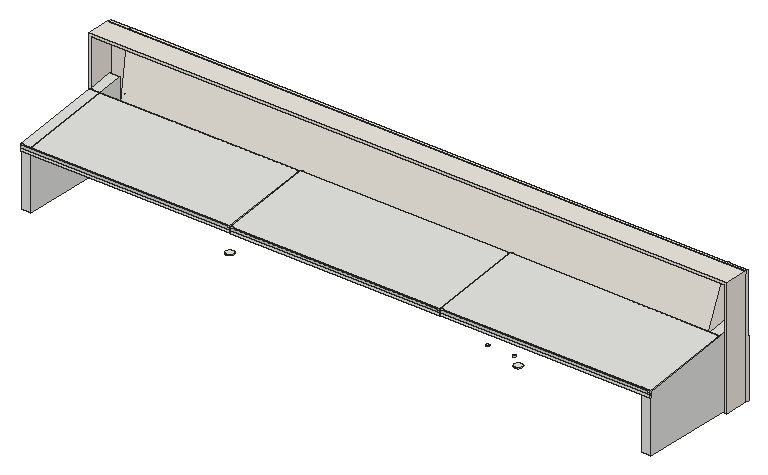
Revit family "Plumbing-Sink-Sloan-Valve-DSWD-84000", category Plumbing Fixtures, host Face, Revit 2019
Family settings
  Host = Face
  Round Connector Dimension = Use Diameter
  Part Type = Normal
  OmniClass Number = 23.45.05.14.14
  OmniClass Title = Sinks/Lavatories
  Cut with Voids When Loaded = No
  Shared = No
  Room Calculation Point = No
Parameters (values of type "DSWD-84000")
  Width = 120.00"  # constant formula
  Water Flow = 0.0 GPM
  Waste Connection = yes
  WFU = 2
  Vent Connection = no
  Valve Pressure Drop = 0.0 Pa
  URL = "www.sloanvalve.com"
  Sanitary Drain Connection Diameter = 1.50"
  Product data url = "https://bimobject.com/sloan_valve/product/sinks_designer-series_dswd-84000"
  Product Material = Sloan - Corian - Venaro White
  Product Guid = ""
  Part Number = ""
  Model = "DSWD-84000"
  Manufacturer = "Sloan Valve"  # constant formula
  Keynote = "10000"
  Hot Water Connection Diameter = 0.50"
  Height = 5.00"  # constant formula
  HWFU = 1.5
  HW Connection = yes
  z_Elevation [instance] = 21.00"  # constant formula
  Enclosure [instance] = yes
  Edition number = 1
  Description = "Designer Series™ 4-Station Wall-Mounted Weir Deck Sink."
  Depth = 22.00"  # constant formula
  Default Elevation = 0.00"  # constant formula
  Cold Water Connection Diameter = 0.50"
  CWFU = 1.5
  CW Connection = yes
  Assembly Code = "D2010400"
  ADA Compliant = 1 = 1  # yes
Reference planes (in)
  plane 1 "Center (Front/Back)": y = 0
  plane 2: z = 0
  plane 3 "Center (Left/Right)": x = 0
  plane 4: y = -13
  plane 5: y = -34
  plane 6: x = -15
  plane 7: x = 15
  plane 8: x = -60
  plane 9: x = 60
  plane 10: z = 22
  plane 11: z = 2.75
  plane 12: z = 3.125
  plane 13: x = 45
  plane 14: x = 39
  plane 15: x = 21
  plane 16: x = -21
  plane 17: x = -39
  plane 18: x = -45
Forms (in)
  Extrusion 1, solid, not visible
    sketch origin (0, 1, 0) x (1, 0, 0) y (0, 1, 0)
      loop
        circle (-27.125, -14) r 0.75
      loop
        circle (24.76612, -12) r 0.25
      loop
        circle (19.76612, -12) r 0.25
      loop
        circle (27.125, -14) r 0.75
      loop
        line (39, -9) -> (41, -9) -> (41, -8) -> (39, -8) -> (39, -9)
    from 0 to 0.50971
Dimensions and locks (in)
  locked: plane 4 to plane 1 "Center (Front/Back)" at 13
  "z_Elevation": plane 4 to plane 5
  aligned and locked: plane 2 to host face
  aligned and locked: level to host face
  aligned and locked: plane 3 "Center (Left/Right)" to nested 1
  aligned and locked: plane 1 "Center (Front/Back)" to nested 1
Automatic sketch dimensions
  host sketch curve to host sketch curve = 131.57161"
  host sketch curve to host sketch curve = 96.00"
  Extrusion 1 sketch curve to plane 4 = 0.00"
  plane 4 to Extrusion 1 sketch curve = 0.00"
  Extrusion 1 sketch curve to plane 6 = 12.125"
  plane 4 to Extrusion 1 sketch curve = 2.00"  (x2)
  plane 7 to Extrusion 1 sketch curve = 4.76612"
  Extrusion 1 sketch curve to Extrusion 1 sketch curve = 5.00"
  Extrusion 1 sketch curve to Extrusion 1 sketch curve = 2.35888"
  plane 4 to Extrusion 1 sketch curve = 5.00"
  Extrusion 1 sketch curve to Extrusion 1 sketch curve = 11.875"
  Extrusion 1 sketch curve to Extrusion 1 sketch curve = 2.00"
  Extrusion 1 sketch curve to Extrusion 1 sketch curve = 1.00"
  radius of Extrusion 1 sketch curve = 0.75"  (x2)
  radius of Extrusion 1 sketch curve = 0.25"  (x2)
Nested families (in)
  nested 1: "Geometry" at (0, 0, 0), type "Geometry"
Connectors (in)
  piping at (-27.125, -13, 0), diameter 1.5, driven by "WFU", driven by "Sanitary Drain Connection Diameter"
    settings: on Extrusion 1, index 2, connector inside diameter 24.00", connector length 0.00", flow factor 0, pipe flow 0.0 GPM, pressure drop 0.0 Pa, fitting loss kfactor 0, connector angle 0.00°, fixture units 2, engagement length 0.00", angle of deflection 0.00°, flow configuration 3, flow direction 2, fitting loss method 0, system type 16, joint type 0, gender type 0, connector reference index -1, connector utility 0, adjustable connector no, is connector primary yes, connector description "Sanitary Drain Connection 1"
  piping at (24.76612, -11, 0), diameter 0.5, driven by "Cold Water Connection Diameter"
    settings: on Extrusion 1, index 3, connector inside diameter 24.00", connector length 0.00", flow factor 0, pipe flow 0.0 GPM, pressure drop 0.0 Pa, fitting loss kfactor 0, connector angle 0.00°, fixture units 1.5, engagement length 0.00", angle of deflection 0.00°, flow configuration 3, flow direction 1, fitting loss method 0, system type 20, joint type 0, gender type 0, connector reference index -1, connector utility 0, adjustable connector no, is connector primary no, connector description "Cold Water Connection"
  piping at (19.76612, -11, 0), diameter 0.5, driven by "Hot Water Connection Diameter"
    settings: on Extrusion 1, index 4, connector inside diameter 24.00", connector length 0.00", flow factor 0, pipe flow 0.0 GPM, pressure drop 0.0 Pa, fitting loss kfactor 0, connector angle 0.00°, fixture units 1.5, engagement length 0.00", angle of deflection 0.00°, flow configuration 3, flow direction 1, fitting loss method 0, system type 19, joint type 0, gender type 0, connector reference index -1, connector utility 0, adjustable connector no, is connector primary no, connector description "Hot Water Connection"
  piping at (27.125, -13, 0), diameter 1.5, driven by "Sanitary Drain Connection Diameter", driven by "WFU"
    settings: on Extrusion 1, index 5, connector inside diameter 24.00", connector length 0.00", flow factor 0, pipe flow 0.0 GPM, pressure drop 0.0 Pa, fitting loss kfactor 0, connector angle 0.00°, fixture units 2, engagement length 0.00", angle of deflection 0.00°, flow configuration 3, flow direction 2, fitting loss method 0, system type 16, joint type 0, gender type 0, connector reference index -1, connector utility 0, adjustable connector no, is connector primary no, connector description "Sanitary Drain Connection 2"
Definition of nested family "Geometry"
  Parameters (values of type "Geometry")
    URL = ""
    Type Comments = ""
    Product Material = none
    Model = ""
    Manufacturer = ""
    Installation Type = ""
    Enclosure Material = none
    Enclosure = yes
    Description = ""
    Default Elevation = 34.00"
    Assembly Code = ""
  Reference planes (in)
    plane 1 "Center (Front/Back)": y = 0
    plane 2: z = 0
    plane 3 "Center (Left/Right)": x = 0
    plane 4: y = -5
    plane 5: z = 22
    plane 6: y = -34
    plane 7: y = -13
    plane 8: y = -11
    plane 9: x = 60
    plane 10: x = -60
    plane 11: x = 56
    plane 12: x = -56
    plane 13: x = -27.125
    plane 14: x = 27.125
    plane 15: z = 6.25
    plane 16: y = -22
    plane 17: x = -19.6875
    plane 18: x = 19.6875
    plane 19: x = -19.875
    plane 20: x = 19.875
  Forms (in)
    Extrusion 1, solid
      sketch origin (0, 0, 0) x (1, 0, 0) y (0, 1, 0)
        loop
          line (-67.14883, 48) -> (-67.14883, -48) -> (67.56872, -48) -> (67.56872, 48) -> (-67.14883, 48)
      from 0 to -12
    Extrusion 2, solid, material <- "Product Material"
      sketch origin (0, 0, 0) x (1, 0, 0) y (0, 0, 1)
        loop
          line (60, 0) -> (60, 22) -> (56, 22) -> (56, 5) -> (-56, 5) -> (-56, 22) -> (-60, 22) -> (-60, 0) -> (60, 0)
      from 0 to 0.5
    Extrusion 3, solid, material <- "Product Material"
      sketch origin (0, 0, 0) x (1, 0, 0) y (0, 1, 0)
        loop
          line (-54.58906, -5.46208) -> (-54.08274, -5.4779) -> (-56, 0) -> (-56.33543, -0.47244) -> (-54.58906, -5.46208)
        loop
          line (54.58906, -5.46208) -> (56.33543, -0.47244) -> (56, 0) -> (54.08274, -5.4779) -> (54.58906, -5.46208)
      from 5 to 22
    Extrusion 4, solid, material <- "Product Material"
      sketch origin (0, 0, 0) x (1, 0, 0) y (0, 1, 0)
        loop
          circle (-27.125, -13) r 0.75
        loop
          circle (19.76612, -11) r 0.25
        loop
          circle (24.76612, -11) r 0.25
        loop
          circle (27.125, -13) r 0.75
        loop
          line (39, -8) -> (41, -8) -> (41, -7) -> (39, -7) -> (39, -8)
      from 0 to 0.032
    Extrusion 5, solid, material <- "Product Material"
      sketch origin (44, 0, 112.82314) x (0, 0, -1) y (0, 1, 0)
        loop
          line (107.82314, 0) -> (107.82314, -5.28906) -> (105.32314, -5.28906) -> (105.32314, -4) -> (90.82314, 0) -> (90.82314, -0.51868) -> (104.82314, -4.38075) -> (104.82314, -5.78906) -> (108.32314, -5.78906) -> (108.32314, -0.5) -> (107.82314, 0)
      from -100.33543 to 12.33543
    Extrusion 6, solid, material <- "Product Material"
      sketch origin (0, 1.2938, 0) x (1, 0, 0) y (0, 0, 1)
        loop
          line (60, 22) -> (-60, 22) -> (-60, 0) -> (-59.5, 0) -> (-59.5, 21.5) -> (59.5, 21.5) -> (59.5, 0) -> (60, 0) -> (60, 22)
      from 1.7938 to 6.2938
    Extrusion 7, void
      sketch origin (0, 0, 0) x (1, 0, 0) y (0, 1, 0)
        loop
          line (56.33543, -0.47244) -> (54.47461, -5.78906) -> (56.33543, -5.78906) -> (56.33543, -0.47244)
        loop
          line (-56.33543, -0.47244) -> (-56.33543, -5.78906) -> (-54.47461, -5.78906) -> (-56.33543, -0.47244)
      from 0 to 21.5
    Extrusion 8, void
      sketch origin (44, 0, 112.82314) x (0, 0, -1) y (0, 1, 0)
        loop
          line (104.82314, -4.38075) -> (90.82314, -0.51868) -> (90.82314, -5.78906) -> (104.82314, -5.78906) -> (104.82314, -4.38075)
      from -100.33543 to 12.33543
    Extrusion 9, void
      sketch origin (0, 0, 0) x (1, 0, 0) y (0, 0, 1)
        loop
          circle (27.125, 6.25) r 0.875
        loop
          circle (-27.125, 6.25) r 0.875
      from 5.28906 to 5.78906
    Extrusion 10, solid, material <- "Enclosure Material", visible <- "Enclosure"
      sketch origin (0, 25.02578, 59.38794) x (0, 1, 0) y (0, 0, 1)
        loop
          line (-30.62246, -47.25332) -> (-30.74068, -46.38635) -> (-32.10307, -46.57213) -> (-31.98485, -47.43911) -> (-30.62246, -47.25332)
        loop
          line (-32.03833, -47.50948) -> (-30.55208, -47.30681) -> (-30.6872, -46.31598) -> (-32.17344, -46.51865) -> (-32.03833, -47.50948)
        loop
          line (-45.48491, -49.28) -> (-45.60313, -48.41303) -> (-46.96553, -48.59881) -> (-46.8473, -49.46578) -> (-45.48491, -49.28)
        loop
          line (-45.41454, -49.33349) -> (-45.54965, -48.34265) -> (-47.0359, -48.54532) -> (-46.90078, -49.53615) -> (-45.41454, -49.33349)
      from -59.0625 to 59.0625
    Extrusion 11, solid, material <- "Enclosure Material", visible <- "Enclosure"
      sketch origin (39.8125, 25.02656, 59.38608) x (0, 1, 0) y (0, 0, 1)
        loop
          arc (-30.71712, -46.22346) -> (-30.69443, -46.1936) -> (-30.72429, -46.1709) r 0.02652
          line (-30.72429, -46.1709) -> (-47.06827, -48.39963)
          arc (-47.06827, -48.39963) -> (-47.12442, -48.44125) -> (-47.14314, -48.50859) r 0.10755
          line (-47.14314, -48.50859) -> (-47.0696, -49.04788) -> (-47.14957, -49.517) -> (-47.10028, -49.5254) -> (-47.01903, -49.04872) -> (-47.0933, -48.504)
          arc (-47.0933, -48.504) -> (-47.08629, -48.47456) -> (-47.0653, -48.45275) r 0.05755
          line (-47.0653, -48.45275) -> (-30.71712, -46.22346)
      from -59.5 to -20.125
    Extrusion 12, solid, material <- "Enclosure Material", visible <- "Enclosure"
      sketch origin (0.25, 25.02656, 59.38608) x (0, 1, 0) y (0, 0, 1)
        loop
          arc (-30.71712, -46.22346) -> (-30.69443, -46.1936) -> (-30.72429, -46.1709) r 0.02652
          line (-30.72429, -46.1709) -> (-47.06827, -48.39963)
          arc (-47.06827, -48.39963) -> (-47.12442, -48.44125) -> (-47.14314, -48.50859) r 0.10755
          line (-47.14314, -48.50859) -> (-47.0696, -49.04788) -> (-47.14957, -49.517) -> (-47.10028, -49.5254) -> (-47.01903, -49.04872) -> (-47.0933, -48.504)
          arc (-47.0933, -48.504) -> (-47.08629, -48.47456) -> (-47.0653, -48.45275) r 0.05755
          line (-47.0653, -48.45275) -> (-30.71712, -46.22346)
      from -59.5 to -20.125
    Extrusion 13, solid, material <- "Enclosure Material", visible <- "Enclosure"
      sketch origin (-0.25, 25.02656, 59.38608) x (0, 1, 0) y (0, 0, -1)
        loop
          line (-30.71712, 46.22346) -> (-47.0653, 48.45275)
          arc (-47.0653, 48.45275) -> (-47.08629, 48.47456) -> (-47.0933, 48.504) r 0.05755
          line (-47.0933, 48.504) -> (-47.01903, 49.04872) -> (-47.10028, 49.5254) -> (-47.14957, 49.517) -> (-47.0696, 49.04788) -> (-47.14314, 48.50859)
          arc (-47.14314, 48.50859) -> (-47.12442, 48.44125) -> (-47.06827, 48.39963) r 0.10755
          line (-47.06827, 48.39963) -> (-30.72429, 46.1709)
          arc (-30.72429, 46.1709) -> (-30.69443, 46.1936) -> (-30.71712, 46.22346) r 0.02652
      from -59.5 to -20.125
    Extrusion 14, solid, material <- "Enclosure Material"
      sketch origin (0.11886, -0.28906, 0) x (0, 1, 0) y (0, 0, 1)
        loop
          line (-4.5, 5.5625) -> (-4.5, 5.6875) -> (-5, 5.6875) -> (-5, 5.5625) -> (-4.5, 5.5625)
        loop
          line (-4.5, 6.1875) -> (-4.5, 6.3125) -> (-5, 6.3125) -> (-5, 6.1875) -> (-4.5, 6.1875)
        loop
          line (-4.5, 6.8125) -> (-4.5, 6.9375) -> (-5, 6.9375) -> (-5, 6.8125) -> (-4.5, 6.8125)
      from -56.11886 to 54.35575
    Extrusion 15, solid, material <- "Enclosure Material", visible <- "Enclosure"
      sketch origin (0, 0, 0) x (0, 1, 0) y (0, 0, 1)
        loop
          line (-1.09528, 13.78926) -> (-21.875, 10.95566) -> (-21.875, 0) -> (-1.09528, 0) -> (-1.09528, 13.78926)
      from 57.4375 to 59.1875
    Extrusion 16, solid, material <- "Enclosure Material", visible <- "Enclosure"
      sketch origin (0, 0, 0) x (0, 1, 0) y (0, 0, -1)
        loop
          line (-1.09528, -13.78926) -> (-1.09528, 0) -> (-21.875, 0) -> (-21.875, -10.95566) -> (-1.09528, -13.78926)
      from 57.4375 to 59.1875
  Cuts and joins
    Extrusion 8, Extrusion 9 cuts Extrusion 3
    Extrusion 7, Extrusion 9 cuts Extrusion 5
    joined: Extrusion 3, Extrusion 5
    joined: Extrusion 10, Extrusion 11, Extrusion 12, Extrusion 13, Extrusion 15, Extrusion 16
    Extrusion 9 cuts Extrusion 2
    Extrusion 9 cuts Extrusion 6
  Lines and regions (in)
    Masking region 1
      outline origin (44, -5.28906, 4.52756) x (0, 0, 1) y (1, 0, 0)
        loop
          line (17.47244, 16) -> (-4.52756, 16) -> (-4.52756, -104) -> (17.47244, -104) -> (17.47244, 16)
    symbolic lines, detail levels medium+fine
      curve 1: line (-56, 0, 5) -> (56, 0, 5)
      curve 2: line (-54.6, 0, 7.5) -> (54.6, 0, 7.5)
      curve 3: line (56, 0, 5) -> (56, 0, 22)
      curve 4: line (56, 0, 22) -> (54.6, 0, 7.5)
      curve 5: line (54.14883, 0, 7.5) -> (54.14883, 0, 5)
      curve 6: line (-56, 0, 5) -> (-56, 0, 22)
      curve 7: line (-56, 0, 22) -> (-54.6, 0, 7.5)
      curve 8: line (-54.14883, 0, 7.5) -> (-54.14883, 0, 5)
    symbolic lines, detail levels fine
      curve 9: line (27.14883, 0, 5) -> (27.14883, 0, 7.5)
      curve 10: line (-27.125, 0, 5) -> (-27.125, 0, 7.5)
      curve 11: circle (45, 0, 2.75) r 0.625 normal (0, -1, 0)
      curve 12: circle (39, 0, 3.125) r 0.5 normal (0, -1, 0)
      curve 13: circle (21, 0, 3.125) r 0.5 normal (0, -1, 0)
      curve 14: circle (15, 0, 2.75) r 0.625 normal (0, -1, 0)
      curve 15: circle (-15, 0, 2.75) r 0.625 normal (0, -1, 0)
      curve 16: circle (-21, 0, 3.125) r 0.5 normal (0, -1, 0)
      curve 17: circle (-39, 0, 3.125) r 0.5 normal (0, -1, 0)
      curve 18: circle (-45, 0, 2.75) r 0.625 normal (0, -1, 0)
      curve 19: line (-54.14883, 0, 6.88368) -> (54.14883, 0, 6.88368)
      curve 20: line (-54.14883, 0, 6.25) -> (54.14883, 0, 6.25)
      curve 21: line (-54.14883, 0, 5.6178) -> (54.14883, 0, 5.6178)
  Dimensions and locks (in)
    locked: Extrusion 1 to plane 5 at 22
    locked: plane 4 to plane 1 "Center (Front/Back)" at 5
    plane 6 to plane 8 = 23.00"
    plane 6 to plane 7 = 21.00"
    "Default Elevation": plane 6 to plane 1 "Center (Front/Back)"
    locked: plane 9 to plane 10 at 120
    plane 9 to plane 11 to plane 12 to plane 10 = 4.00", 112.00", 4.00"
    equal spacing: plane 13, plane 3 "Center (Left/Right)", plane 14
    equal spacing: plane 9, plane 3 "Center (Left/Right)", plane 10
    plane 1 "Center (Front/Back)" to plane 6 = 34.00"
    Extrusion 4 sketch curve to Extrusion 4 sketch curve = 5.00"
    aligned and locked: Extrusion 1 to plane 2
    aligned and locked: Extrusion 1 to level
    aligned and locked: Extrusion 2 sketch curve to level
    aligned and locked: Extrusion 2 sketch curve to plane 5
    aligned and locked: plane 9 to Extrusion 2 sketch curve
    aligned and locked: Extrusion 2 sketch curve to plane 11
    aligned and locked: Extrusion 2 sketch curve to plane 10
    aligned and locked: plane 12 to Extrusion 2 sketch curve
    aligned and locked: Extrusion 5 to Extrusion 9  (x2)
    aligned and locked: plane 14 to Extrusion 9 sketch curve
    aligned and locked: plane 13 to Extrusion 9 sketch curve
  Automatic sketch dimensions
    curve 1 to plane 12 = 0.00"
    curve 10 to plane 13 = 0.00"
    curve 4 to plane 5 = 0.00"
    curve 4 to plane 11 = 0.00"
    curve 6 to plane 5 = 0.00"
    plane 12 to curve 7 = 1.40"
    level to curve 18 = 2.75"
    curve 2 to curve 18 = 9.60"
    curve 18 to curve 17 = 6.00"
    curve 16 to plane 19 = 1.125"
    plane 17 to curve 15 = 4.6875"
    curve 14 to plane 18 = 4.6875"
    plane 20 to curve 13 = 1.125"
    level to curve 12 = 3.125"
    curve 12 to plane 14 = 11.875"
    level to curve 11 = 2.75"
    curve 12 to curve 11 = 6.00"
    curve 2 to plane 11 = 1.40"
    level to curve 15 = 2.75"
    level to curve 14 = 2.75"
    level to curve 13 = 3.125"
    level to curve 17 = 3.125"
    level to curve 16 = 3.125"
    level to curve 6 = 5.00"
    curve 8 to curve 7 = 2.50"
    curve 2 to curve 8 = 0.45117"
    curve 9 to plane 14 = 0.02383"
    curve 5 to plane 11 = 1.85117"
    curve 8 to curve 21 = 0.6178"
    curve 21 to curve 20 = 0.6322"
    curve 19 to curve 8 = 0.61632"
    Extrusion 1 sketch curve to Extrusion 1 sketch curve = 134.71755"
    Extrusion 1 sketch curve to Extrusion 1 sketch curve = 96.00"
    Extrusion 2 sketch curve to plane 5 = 0.00"
    level to Extrusion 2 sketch curve = 5.00"
    plane 1 "Center (Front/Back)" to Extrusion 3 sketch curve = 0.00"  (x2)
    Extrusion 3 sketch curve to plane 12 = 0.00"
    Extrusion 3 sketch curve to plane 11 = 0.00"
    Extrusion 3 sketch curve to plane 12 = 0.33543"
    plane 4 to Extrusion 3 sketch curve = 0.46208"  (x2)
    plane 12 to Extrusion 3 sketch curve = 1.41094"
    plane 4 to Extrusion 3 sketch curve = 0.4779"  (x2)
    Extrusion 3 sketch curve to Extrusion 3 sketch curve = 0.50632"  (x2)
    Extrusion 3 sketch curve to plane 11 = 1.91726"
    plane 11 to Extrusion 3 sketch curve = 0.33543"
    plane 1 "Center (Front/Back)" to Extrusion 3 sketch curve = 0.47244"  (x2)
    plane 7 to Extrusion 4 sketch curve = 0.00"  (x2)
    Extrusion 4 sketch curve to plane 13 = 0.00"
    plane 8 to Extrusion 4 sketch curve = 0.00"  (x2)
    Extrusion 4 sketch curve to plane 14 = 0.00"
    plane 18 to Extrusion 4 sketch curve = 0.07862"
    plane 4 to Extrusion 4 sketch curve = 3.00"
    Extrusion 4 sketch curve to plane 14 = 11.875"
    Extrusion 4 sketch curve to Extrusion 4 sketch curve = 2.00"
    Extrusion 4 sketch curve to Extrusion 4 sketch curve = 1.00"
    Extrusion 5 sketch curve to plane 1 "Center (Front/Back)" = 0.00"  (x2)
    plane 5 to Extrusion 5 sketch curve = 0.00"
    plane 4 to Extrusion 5 sketch curve = 0.78906"
    level to Extrusion 5 sketch curve = 8.00"
    Extrusion 5 sketch curve to Extrusion 5 sketch curve = 0.50"  (x2)
    plane 4 to Extrusion 5 sketch curve = 0.28906"
    Extrusion 5 sketch curve to Extrusion 5 sketch curve = 2.50"
    plane 1 "Center (Front/Back)" to Extrusion 5 sketch curve = 0.50"
    Extrusion 5 sketch curve to plane 4 = 0.61925"
    Extrusion 5 sketch curve to Extrusion 5 sketch curve = 0.38075"
    plane 1 "Center (Front/Back)" to Extrusion 5 sketch curve = 0.51868"
    Extrusion 6 sketch curve to plane 5 = 0.00"
    Extrusion 6 sketch curve to plane 10 = 0.00"
    Extrusion 6 sketch curve to level = 0.00"  (x2)
    Extrusion 6 sketch curve to plane 9 = 0.00"
    Extrusion 6 sketch curve to Extrusion 6 sketch curve = 0.50"  (x2)
    plane 5 to Extrusion 6 sketch curve = 0.50"
    Extrusion 7 sketch curve to plane 12 = 0.33543"
    plane 12 to Extrusion 7 sketch curve = 1.52539"
    Extrusion 7 sketch curve to plane 11 = 1.52539"
    plane 11 to Extrusion 7 sketch curve = 0.33543"
    plane 4 to Extrusion 7 sketch curve = 0.78906"  (x2)
    plane 1 "Center (Front/Back)" to Extrusion 7 sketch curve = 0.47244"  (x2)
    plane 5 to Extrusion 8 sketch curve = 0.00"
    plane 4 to Extrusion 8 sketch curve = 0.78906"
    level to Extrusion 8 sketch curve = 8.00"
    Extrusion 8 sketch curve to plane 4 = 0.61925"
    plane 1 "Center (Front/Back)" to Extrusion 8 sketch curve = 0.51868"
    Extrusion 9 sketch curve to plane 15 = 0.00"  (x2)
    plane 16 to Extrusion 10 sketch curve = 0.01011"
    Extrusion 10 sketch curve to plane 16 = 0.06026"
    Extrusion 10 sketch curve to plane 16 = 0.125"
    Extrusion 10 sketch curve to Extrusion 10 sketch curve = 0.05348"  (x6)
    Extrusion 10 sketch curve to Extrusion 10 sketch curve = 1.36239"
    plane 4 to Extrusion 10 sketch curve = 2.14766"
    Extrusion 10 sketch curve to Extrusion 10 sketch curve = 0.07037"  (x3)
    Extrusion 10 sketch curve to Extrusion 10 sketch curve = 0.06474"
    plane 4 to Extrusion 10 sketch curve = 0.7149"
    level to Extrusion 10 sketch curve = 9.85179"
    Extrusion 10 sketch curve to Extrusion 10 sketch curve = 0.1323"  (x2)
    level to Extrusion 10 sketch curve = 11.87847"
    Extrusion 11 sketch curve to Extrusion 11 sketch curve = 0.00"  (x2)
    Extrusion 11 sketch curve to plane 16 = 0.12301"
    Extrusion 11 sketch curve to plane 16 = 0.11658"
    Extrusion 11 sketch curve to Extrusion 11 sketch curve = 0.04929"
    Extrusion 11 sketch curve to Extrusion 11 sketch curve = 0.04984"
    Extrusion 11 sketch curve to plane 16 = 0.04304"
    Extrusion 11 sketch curve to plane 16 = 0.04171"
    Extrusion 11 sketch curve to plane 16 = 0.03874"
    Extrusion 11 sketch curve to plane 16 = 0.00923"
    plane 16 to Extrusion 11 sketch curve = 0.00753"
    Extrusion 11 sketch curve to plane 4 = 0.69773"
    Extrusion 11 sketch curve to Extrusion 11 sketch curve = 0.00358"  (x2)
    Extrusion 11 sketch curve to plane 5 = 8.78482"
    Extrusion 11 sketch curve to Extrusion 11 sketch curve = 0.02628"
    Extrusion 11 sketch curve to level = 10.98645"
    Extrusion 11 sketch curve to Extrusion 11 sketch curve = 0.05312"
    Extrusion 11 sketch curve to Extrusion 11 sketch curve = 0.0494"
    Extrusion 11 sketch curve to Extrusion 11 sketch curve = 0.53929"
    Extrusion 11 sketch curve to Extrusion 11 sketch curve = 0.00084"
    Extrusion 12 sketch curve to Extrusion 12 sketch curve = 0.00"  (x2)
    Extrusion 12 sketch curve to plane 16 = 0.12301"
    Extrusion 12 sketch curve to plane 16 = 0.11658"
    Extrusion 12 sketch curve to Extrusion 12 sketch curve = 0.04929"
    Extrusion 12 sketch curve to Extrusion 12 sketch curve = 0.04984"
    Extrusion 12 sketch curve to plane 16 = 0.04304"
    Extrusion 12 sketch curve to plane 16 = 0.04171"
    Extrusion 12 sketch curve to plane 16 = 0.03874"
    Extrusion 12 sketch curve to plane 16 = 0.00923"
    plane 16 to Extrusion 12 sketch curve = 0.00753"
    Extrusion 12 sketch curve to plane 4 = 0.69773"
    Extrusion 12 sketch curve to Extrusion 12 sketch curve = 0.00358"  (x2)
    Extrusion 12 sketch curve to plane 5 = 8.78482"
    Extrusion 12 sketch curve to Extrusion 12 sketch curve = 0.02628"
    Extrusion 12 sketch curve to level = 10.98645"
    Extrusion 12 sketch curve to Extrusion 12 sketch curve = 0.05312"
    Extrusion 12 sketch curve to Extrusion 12 sketch curve = 0.0494"
    Extrusion 12 sketch curve to Extrusion 12 sketch curve = 0.53929"
    Extrusion 12 sketch curve to Extrusion 12 sketch curve = 0.00084"
    Extrusion 13 sketch curve to Extrusion 13 sketch curve = 0.00"  (x2)
    plane 16 to Extrusion 13 sketch curve = 0.12301"
    plane 16 to Extrusion 13 sketch curve = 0.11658"
    Extrusion 13 sketch curve to Extrusion 13 sketch curve = 0.04929"
    Extrusion 13 sketch curve to Extrusion 13 sketch curve = 0.04984"
    plane 16 to Extrusion 13 sketch curve = 0.04304"
    plane 16 to Extrusion 13 sketch curve = 0.04171"
    plane 16 to Extrusion 13 sketch curve = 0.03874"
    plane 16 to Extrusion 13 sketch curve = 0.00923"
    Extrusion 13 sketch curve to plane 16 = 0.00753"
    plane 4 to Extrusion 13 sketch curve = 0.69773"
    Extrusion 13 sketch curve to Extrusion 13 sketch curve = 0.00358"  (x2)
    plane 5 to Extrusion 13 sketch curve = 8.78482"
    Extrusion 13 sketch curve to Extrusion 13 sketch curve = 0.02628"
    level to Extrusion 13 sketch curve = 10.98645"
    Extrusion 13 sketch curve to Extrusion 13 sketch curve = 0.05312"
    Extrusion 13 sketch curve to Extrusion 13 sketch curve = 0.0494"
    Extrusion 13 sketch curve to Extrusion 13 sketch curve = 0.53929"
    Extrusion 13 sketch curve to Extrusion 13 sketch curve = 0.00084"
    Extrusion 5 to Masking region 1 sketch curve = 5.00"
    Masking region 1 sketch curve to Extrusion 5 = 3.66457"  (x2)
    Extrusion 5 to Masking region 1 sketch curve = 14.50"
    plane 4 to Extrusion 14 sketch curve = 0.28906"  (x3)
    Extrusion 14 sketch curve to plane 4 = 0.21094"  (x3)
    level to Extrusion 14 sketch curve = 5.5625"
    Extrusion 14 sketch curve to Extrusion 14 sketch curve = 0.125"  (x3)
    Extrusion 14 sketch curve to Extrusion 14 sketch curve = 0.50"  (x2)
    Extrusion 15 sketch curve to level = 0.00"
    Extrusion 15 sketch curve to plane 16 = 0.125"
    plane 1 "Center (Front/Back)" to Extrusion 15 sketch curve = 1.09528"
    plane 5 to Extrusion 15 sketch curve = 11.04434"
    plane 5 to Extrusion 15 sketch curve = 8.21074"
    Extrusion 16 sketch curve to level = 0.00"
    Extrusion 16 sketch curve to plane 16 = 0.125"
    plane 1 "Center (Front/Back)" to Extrusion 16 sketch curve = 1.09528"
    plane 5 to Extrusion 16 sketch curve = 11.04434"
    plane 5 to Extrusion 16 sketch curve = 8.21074"
    radius of curve 11 = 0.625"
    radius of curve 12 = 0.50"
    radius of curve 13 = 0.50"
    radius of curve 14 = 0.625"
    radius of curve 15 = 0.625"
    radius of curve 16 = 0.50"
    radius of curve 17 = 0.50"
    radius of curve 18 = 0.625"
    radius of Extrusion 4 sketch curve = 0.75"  (x2)
    radius of Extrusion 4 sketch curve = 0.25"  (x2)
    radius of Extrusion 9 sketch curve = 0.875"  (x2)
